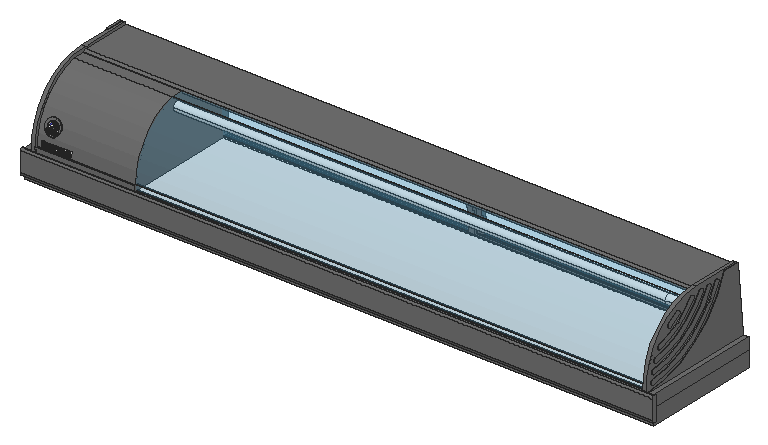
Revit family "QF_HOSHIZAKI_HNC-180BE-L-BLH", category Specialty Equipment, Revit 2016
Family settings
  Part Type = Normal
  Round Connector Dimension = Use Diameter
  OmniClass Number = 23.40.40.14
  OmniClass Title = Food Service Equipment
  Work Plane-Based = No
  Always vertical = Yes
  Cut with Voids When Loaded = No
  Shared = No
  Room Calculation Point = No
Parameters (values of type "HNC-180BE-L-BLH_230V/1Ph/50Hz")
  Weight = 42.00 kg
  Waste Remarks [instance] = ""
  Volts = 230 V
  URL Cutsheet = ""
  URL = "www.hoshizaki-europe.com"
  Status [instance] = ""
  Specification by User [instance] = ""
  Specification by Manufacturer [instance] = ""
  Serial Number = ""
  Seismic Rating = ""
  SMACNA No = ""
  Revision Code [instance] = ""
  Phase = 1
  Number of Poles = 2
  NAFEM Spec ID Number = ""
  Model = "HNC-180BE-L-BLH"
  Min Ckt Ampacity = 0 A
  Max Overcurrent Protection = 0 A
  Masterspec = ""
  Manufacturer = "HOSHIZAKI"
  Length Actual = 1800 mm
  Item Number [instance] = ""
  Installed By [instance] = ""
  Indirect Waste Size = 50.8 mm
  Indirect Waste Connection Type [instance] = ""
  Indirect Waste Connection Height [instance] = 23 mm
  Identify Quantity as Lot [instance] = no
  Height Actual = 270 mm
  HP power = ""
  Furnished By [instance] = ""
  Foodservice Equipment Identifier [instance] = yes
  FL Amps = 0.6 A
  Electric power = 140 W
  Electric Connection Type [instance] = ""
  Elec Conn RI Height [instance] = 0 mm
  Elec Conn Connection Height [instance] = 19 mm
  Direct Waste RI Height [instance] = 0 mm
  Description = "SUSHI CASE WITH LED LIGHTING, LEFT SIDED - BLACK"
  Depth Actual = 345 mm
  Cycle = 50 Hz
  Cost = 0
  Conn Plug = ""
  Conn Conduit = no
  CSI MasterFormat = ""
  Assembly Code = "E1090320"
  Apparent Power = 140 VA
  Accessory = no
Reference planes
  plane 1 "Center (Front/Back)": y = 0
  plane 2: z = 0
  plane 3 "Center (Left/Right)": x = 0
Forms (mm)
  Extrusion 1, solid, not visible
    sketch origin (29, -2, 18) x (1, 0, 0) y (0, 1, 0)
      loop
        line (0, 0) -> (2, 0) -> (2, 2) -> (0, 2) -> (0, 0)
    from 0 to 2
  Extrusion 2, solid, not visible
    sketch origin (1731, -2, 22) x (1, 0, 0) y (0, 1, 0)
      loop
        line (0, 0) -> (2, 0) -> (2, 2) -> (0, 2) -> (0, 0)
    from 0 to 2
Dimensions and locks
  aligned and locked: level to plane 2
Nested families
  nested 1: "QF_HOSHIZAKI_HNC-180BE-L-BLH_230V_1Ph_50Hz" at (0, 0, 0), type "HNC-180BE-L-BLH_230V/1Ph/50Hz"
    with Status "", Specification by User "", Show Clearance yes, Revision Code "", Number of Poles 1, Item Number "", Installed By "", Identify Quantity as Lot no, Furnished By "", Foodservice Equipment Identifier yes, Electrical Remarks "", Electric Connection Type "", Elec Conn RI Height 0 mm, Elec Conn Connection Height 19 mm, Conn Conduit yes
Connectors
  electrical at (30, 0, 19), driven by "Apparent Power", driven by "Number of Poles", driven by "Volts"
    settings: on Extrusion 1, index 1, voltage 230 V, apparent load 0 VA, apparent load phase1 140 VA, apparent load phase2 0 VA, apparent load phase3 0 VA, power factor 1, load classification "Other", number of poles 2, system type 31, power factor state 1, is connector primary yes, connector utility no, sub classification motor no, connector description "Electric connection for 'HNC-180BE-L-BLH'"
  piping at (1732, 0, 23), diameter 50.8, driven by "Indirect Waste Size"
    settings: on Extrusion 2, index 2, connector inside diameter 609.6 mm, connector length 0 mm, flow factor 0, pipe flow 0.0 L/s, pressure drop 0.0 Pa, fitting loss kfactor 0, connector angle 0.00°, fixture units 0, engagement length 0 mm, angle of deflection 0.00°, flow configuration 1, flow direction 2, fitting loss method 0, system type 16, joint type 0, gender type 0, connector reference index -1, connector utility 0, adjustable connector no, is connector primary yes, connector description "Drain connection for 'HNC-180BE-L-BLH'"
Definition of nested family "QF_HOSHIZAKI_HNC-180BE-L-BLH_230V_1Ph_50Hz"
  Parameters (values of type "HNC-180BE-L-BLH_230V/1Ph/50Hz")
    Weight in Pounds = 92.594
    Electric power = 150 W
    Volts = 230 V
    URL Cutsheet = "www.hoshizaki-europe.com"
    URL = "www.hoshizaki-europe.com"
    Status [instance] = ""
    Specification by User [instance] = ""
    Specification by Manufacturer = ""
    Show Logo = yes
    Show Clearance [instance] = yes
    Serial Number = ""
    Seismic Rating = ""
    SMACNA No = ""
    Revision Code [instance] = ""
    Phase = 1
    Number of Poles [instance] = 1
    NAFEM Spec ID Number = ""
    Model = "HNC-180BE-L-BLH"
    Min Ckt Ampacity = 0 A
    Max Overcurrent Protection = 0 A
    Masterspec = ""
    Manufacturer = "HOSHIZAKI"
    Item Number [instance] = ""
    Installed By [instance] = ""
    Identify Quantity as Lot [instance] = no
    HP power = "0.201153000000"
    Furnished By [instance] = ""
    Foodservice Equipment Identifier [instance] = yes
    FL Amps = 20 A
    Electrical Remarks [instance] = ""
    Electric Connection Type [instance] = ""
    Elec Conn RI Height [instance] = 0 mm
    Elec Conn Connection Height [instance] = 19 mm
    Description = "SUSHI CASE WITH LED LIGHTING, LEFT SIDED - BLACK"
    Cycle = 50 Hz
    Conn Plug = ""
    Conn Conduit [instance] = yes
    CSI MasterFormat = ""
    Assembly Code = "E1090320"
    Apparent Power = 150 VA
  Reference planes
    plane 1 "Back": y = 0
    plane 2: z = 0
    plane 3 "Left": x = 0
    plane 4 "Right": x = 1800
    plane 5 "Front": y = -345
    plane 6 "Top": z = 270
  Forms (mm)
    Extrusion 1, solid
      sketch origin (0, 0, 0) x (0, 1, 0) y (0, 0, 1)
        loop
          line (-335, 11.612) -> (-335, 78.923) -> (-340, 78.923)
          arc (-340, 78.923) -> (-343.536, 77.458) -> (-345, 73.923) r 5
          line (-345, 73.923) -> (-345, 16.612)
          arc (-345, 16.612) -> (-343.536, 13.076) -> (-340, 11.612) r 5
          line (-340, 11.612) -> (-335, 11.612)
      from 0 to 1800
    Extrusion 2, solid
      sketch origin (4, 0, 0) x (0, 1, 0) y (0, 0, 1)
        loop
          line (0, 0) -> (0, 45.267) -> (-335, 45.267) -> (-335, 0) -> (0, 0)
      from 1792 to 0
    Extrusion 3, solid
      sketch origin (1780, 0, 0) x (0, 1, 0) y (0, 0, -1)
        loop
          arc (-335, -77.311) -> (-168.876, -131.23) -> (-62.821, -270) r 293.422
          line (-62.821, -270) -> (-16.482, -270) -> (0, -81.612) -> (0, -45.267) -> (-335, -45.267) -> (-335, -77.311)
        loop
          arc (-83.709, -252.219) -> (-178.479, -139.765) -> (-317.08, -90.602) r 280.922
          arc (-317.08, -90.602) -> (-323.161, -96.407) -> (-318.029, -103.066) r 6.285
          arc (-318.029, -103.066) -> (-185.592, -150.044) -> (-95.039, -257.5) r 268.422
          arc (-95.039, -257.5) -> (-87.673, -258.508) -> (-83.709, -252.219) r 6.865
        loop
          arc (-111.859, -251.686) -> (-195.78, -158.227) -> (-314.06, -115.953) r 255.922
          arc (-314.06, -115.953) -> (-320.31, -121.62) -> (-315.28, -128.393) r 6.28
          arc (-315.28, -128.393) -> (-202.759, -168.597) -> (-122.925, -257.5) r 243.422
          arc (-122.925, -257.5) -> (-115.571, -258.059) -> (-111.859, -251.686) r 6.947
        loop
          arc (-140.937, -251.021) -> (-211.328, -177.909) -> (-306.269, -142.04) r 230.922
          arc (-306.269, -142.04) -> (-312.519, -147.451) -> (-308.057, -154.411) r 6.315
          arc (-308.057, -154.411) -> (-218.228, -188.332) -> (-151.626, -257.5) r 218.422
          arc (-151.626, -257.5) -> (-143.81, -258.338) -> (-140.937, -251.021) r 6.48
        loop
          arc (-173, -248.071) -> (-226.037, -198.16) -> (-293.13, -169.833) r 205.922
          arc (-293.13, -169.833) -> (-298.352, -176.046) -> (-293.527, -182.572) r 6.554
          arc (-293.527, -182.572) -> (-231.849, -209.297) -> (-183.042, -255.516) r 193.422
          arc (-183.042, -255.516) -> (-175.054, -255.795) -> (-173, -248.071) r 6.411
        loop
          arc (-225.482, -229.368) -> (-239.933, -218.945) -> (-255.34, -209.993) r 180.922
          arc (-255.34, -209.993) -> (-262.519, -213.318) -> (-261.08, -221.097) r 6.452
          arc (-261.08, -221.097) -> (-246.737, -229.431) -> (-233.285, -239.134) r 168.422
          arc (-233.285, -239.134) -> (-225.701, -237.193) -> (-225.482, -229.368) r 6.501
      from 0 to 5
    Extrusion 4, solid
      sketch origin (1775, 0, 0) x (0, 1, 0) y (0, 0, -1)
        loop
          line (-335, -45.267) -> (-335, -77.311)
          arc (-335, -77.311) -> (-288.48, -212.569) -> (-157.482, -270) r 178.115
          line (-157.482, -270) -> (-16.482, -270) -> (0, -81.612) -> (0, -45.267) -> (-335, -45.267)
      from 0 to 10
    Extrusion 5, solid
      sketch origin (20, 0, 0) x (0, 1, 0) y (0, 0, 1)
        loop
          line (-335, 77.311) -> (-335, 45.267) -> (0, 45.267) -> (0, 81.612) -> (-16.482, 270) -> (-62.821, 270)
          arc (-62.821, 270) -> (-168.876, 131.23) -> (-335, 77.311) r 293.422
        loop
          arc (-83.709, 252.219) -> (-87.673, 258.508) -> (-95.039, 257.5) r 6.865
          arc (-95.039, 257.5) -> (-185.592, 150.044) -> (-318.029, 103.066) r 268.422
          arc (-318.029, 103.066) -> (-323.161, 96.407) -> (-317.08, 90.602) r 6.285
          arc (-317.08, 90.602) -> (-178.479, 139.765) -> (-83.709, 252.219) r 280.922
        loop
          arc (-111.859, 251.686) -> (-115.571, 258.059) -> (-122.925, 257.5) r 6.947
          arc (-122.925, 257.5) -> (-202.759, 168.597) -> (-315.28, 128.393) r 243.422
          arc (-315.28, 128.393) -> (-320.31, 121.62) -> (-314.06, 115.953) r 6.28
          arc (-314.06, 115.953) -> (-195.78, 158.227) -> (-111.859, 251.686) r 255.922
        loop
          arc (-140.937, 251.021) -> (-143.81, 258.338) -> (-151.626, 257.5) r 6.48
          arc (-151.626, 257.5) -> (-218.228, 188.332) -> (-308.057, 154.411) r 218.422
          arc (-308.057, 154.411) -> (-312.519, 147.451) -> (-306.269, 142.04) r 6.315
          arc (-306.269, 142.04) -> (-211.328, 177.909) -> (-140.937, 251.021) r 230.922
        loop
          arc (-173, 248.071) -> (-175.054, 255.795) -> (-183.042, 255.516) r 6.411
          arc (-183.042, 255.516) -> (-231.849, 209.297) -> (-293.527, 182.572) r 193.422
          arc (-293.527, 182.572) -> (-298.352, 176.046) -> (-293.13, 169.833) r 6.554
          arc (-293.13, 169.833) -> (-226.037, 198.16) -> (-173, 248.071) r 205.922
        loop
          arc (-225.482, 229.368) -> (-225.701, 237.193) -> (-233.285, 239.134) r 6.501
          arc (-233.285, 239.134) -> (-246.737, 229.431) -> (-261.08, 221.097) r 168.422
          arc (-261.08, 221.097) -> (-262.519, 213.318) -> (-255.34, 209.993) r 6.452
          arc (-255.34, 209.993) -> (-239.933, 218.945) -> (-225.482, 229.368) r 180.922
      from 0 to 5
    Extrusion 6, solid
      sketch origin (25, 0, 0) x (0, 1, 0) y (0, 0, 1)
        loop
          line (-335, 45.267) -> (0, 45.267) -> (0, 81.612) -> (-16.482, 270) -> (-157.482, 270)
          arc (-157.482, 270) -> (-288.48, 212.569) -> (-335, 77.311) r 178.115
          line (-335, 77.311) -> (-335, 45.267)
      from 0 to 10
    Extrusion 7, solid
      sketch origin (0, 0, 0) x (0, 1, 0) y (0, 0, 1)
        loop
          line (-335.005, 77.311) -> (-9.983, 77.311) -> (-9.983, 45.267) -> (0, 45.267) -> (0, 81.612) -> (-15.607, 260) -> (-198.787, 260)
          arc (-198.787, 260) -> (-293.716, 198.698) -> (-330.597, 91.885) r 173.115
          line (-330.597, 91.885) -> (-335.597, 91.885) -> (-335.005, 77.311)
      from 35 to 317
    Extrusion 8, solid
      sketch origin (0, 0, 0) x (0, 1, 0) y (0, 0, 1)
        loop
          line (-9.983, 45.267) -> (-9.983, 67.293)
          arc (-9.983, 67.293) -> (-12.951, 74.377) -> (-20.035, 77.311) r 10.017
          line (-20.035, 77.311) -> (-324.983, 77.311)
          arc (-324.983, 77.311) -> (-332.066, 74.377) -> (-335, 67.293) r 10.017
          line (-335, 67.293) -> (-335, 45.267) -> (-9.983, 45.267)
      from 35 to 1765
    Extrusion 9, solid
      sketch origin (0, 0, 0) x (0, 1, 0) y (0, 0, 1)
        loop
          line (-16.044, 265) -> (-157.482, 265)
          arc (-157.482, 265) -> (-162.482, 263.66) -> (-166.142, 260) r 10
          line (-166.142, 260) -> (-166.142, 255) -> (-15.169, 255) -> (-16.044, 265)
      from 35 to 1765
    Extrusion 10, solid
      sketch origin (0, 0, 0) x (0, 1, 0) y (0, 0, 1)
        loop
          line (-166.142, 260) -> (-198.787, 260)
          arc (-198.787, 260) -> (-293.716, 198.698) -> (-330.597, 91.885) r 173.115
          line (-330.597, 91.885) -> (-330.597, 77.395) -> (-325.597, 77.395) -> (-325.597, 91.885)
          arc (-325.597, 91.885) -> (-289.967, 195.377) -> (-198.178, 255) r 168.115
          line (-198.178, 255) -> (-166.142, 255) -> (-166.142, 260)
      from 317 to 1765
    Sweep 11, solid
      path origin (598.568, 0, 230) x (1, 0, 0) y (0, 1, 0)
        loop
          line (1072.551, -50.66) -> (1112.551, -50.66)
          arc (1112.551, -50.66) -> (1140.051, -62.051) -> (1151.442, -89.551) r 38.891
          line (1151.442, -89.551) -> (1151.442, -153.787)
          arc (1151.442, -153.787) -> (1142.122, -176.287) -> (1119.622, -185.607) r 31.82
          line (1119.622, -185.607) -> (-280.378, -185.607)
      profile origin (1691.12, -50.66, 230) x (0, 1, 0) y (0, 0, 1)
        loop
          circle (0, 0) r 12.5
    Extrusion 12, solid
      sketch origin (0, 0, 0) x (0, 1, 0) y (0, 0, 1)
        loop
          line (0, 45.267) -> (0, 81.612) -> (-1.743, 101.536) -> (-6.743, 101.536) -> (-5, 81.612) -> (-5, 77.311) -> (-10, 77.311) -> (-10, 45.267) -> (0, 45.267)
      from 317 to 1765
    Extrusion 13, solid
      sketch origin (600, 0, 0) x (0, 1, 0) y (0, 0, 1)
        loop
          line (-6.743, 101.536) -> (-1.743, 101.536) -> (-15.169, 255) -> (-20.169, 255) -> (-6.743, 101.536)
      from 1150 to 1165
    Extrusion 14, solid
      sketch origin (317, -10, 0) x (0, 1, 0) y (0, 0, 1)
        loop
          line (-5, 77.311) -> (-5, 81.612) -> (-20.169, 255) -> (-25.169, 255) -> (-9.917, 80.666) -> (-9.917, 77.311) -> (-5, 77.311)
      from 0 to 700
    Extrusion 15, solid
      sketch origin (0, 0, 0) x (1, 0, 0) y (0, 0, 1)
        loop
          line (20, 45.267) -> (20, 78.923) -> (4, 78.923) -> (4, 45.267) -> (20, 45.267)
      from 0 to 335
    Extrusion 16, solid
      sketch origin (1780, 0, 0) x (1, 0, 0) y (0, 0, 1)
        loop
          line (16, 45.267) -> (16, 78.923) -> (0, 78.923) -> (0, 45.267) -> (16, 45.267)
      from 0 to 335
    Extrusion 17, solid
      sketch origin (30, 5, 19) x (1, 0, 0) y (0, 0, 1)
        loop
          circle (0, 0) r 5
      from 0 to 5
    Extrusion 18, solid
      sketch origin (1200, 0, 0) x (0, 1, 0) y (0, 0, 1)
        loop
          line (-5, 77.311) -> (-5, 81.612) -> (-20.169, 255) -> (-25.169, 255) -> (-9.917, 80.666) -> (-9.917, 77.311) -> (-5, 77.311)
      from -150 to 550
    Extrusion 19, solid
      sketch origin (1050, 0, 0) x (0, 1, 0) y (0, 0, -1)
        loop
          line (-6.743, -101.536) -> (-4.917, -80.666) -> (-9.917, -80.666) -> (-25.169, -255) -> (-20.169, -255) -> (-14.603, -248.524) -> (-2.401, -109.056) -> (-6.743, -101.536)
      from 16 to 0
    Extrusion 20, solid
      sketch origin (1033, -10, 0) x (0, 1, 0) y (0, 0, -1)
        loop
          line (-6.743, -101.536) -> (-4.917, -80.666) -> (-9.917, -80.666) -> (-25.169, -255) -> (-20.169, -255) -> (-14.603, -248.524) -> (-2.401, -109.056) -> (-6.743, -101.536)
      from 16 to 0
    Extrusion 21, solid, visible <- "Show Logo"
      sketch origin (3.022, -388.606, -502.736) x (1, 0, 0) y (0, 0.087156, 0.996195)
        loop
          line (55.338, 616.136) -> (55.338, 615.183) -> (56.401, 614.569) -> (56.401, 609.537) -> (55.338, 608.924) -> (55.338, 607.971) -> (59.638, 607.971) -> (59.638, 608.924) -> (58.286, 609.537) -> (58.286, 611.434) -> (61.704, 611.434) -> (61.704, 609.537) -> (60.353, 608.924) -> (60.353, 607.971) -> (64.652, 607.971) -> (64.652, 608.924) -> (63.589, 609.537) -> (63.589, 614.569) -> (64.652, 615.183) -> (64.652, 616.136) -> (60.353, 616.136) -> (60.353, 615.183) -> (61.704, 614.569) -> (61.704, 612.924) -> (58.286, 612.924) -> (58.286, 614.569) -> (59.638, 615.183) -> (59.638, 616.136) -> (55.338, 616.136)
        loop
          spline (69.001, 608.002) -> (70.129, 608.14) -> (71.179, 608.547) -> (72.081, 609.193) -> (72.773, 610.035) -> (73.209, 611.016) -> (73.357, 612.069) -> (73.209, 613.121) -> (72.773, 614.102) -> (72.081, 614.944) -> (71.179, 615.591) -> (70.129, 615.997) -> (69.001, 616.136)
          spline (69.001, 616.136) -> (67.874, 615.997) -> (66.824, 615.591) -> (65.922, 614.944) -> (65.229, 614.102) -> (64.794, 613.121) -> (64.646, 612.069) -> (64.794, 611.016) -> (65.229, 610.035) -> (65.922, 609.193) -> (66.824, 608.547) -> (67.874, 608.14) -> (69.001, 608.002)
        loop
          spline (68.927, 609) -> (69.484, 609.105) -> (70.004, 609.411) -> (70.45, 609.899) -> (70.792, 610.534) -> (71.007, 611.274) -> (71.08, 612.069) -> (71.007, 612.863) -> (70.792, 613.603) -> (70.45, 614.239) -> (70.004, 614.726) -> (69.484, 615.033) -> (68.927, 615.137)
          spline (68.927, 615.137) -> (68.37, 615.033) -> (67.851, 614.726) -> (67.405, 614.239) -> (67.063, 613.603) -> (66.847, 612.863) -> (66.774, 612.069) -> (66.847, 611.274) -> (67.063, 610.534) -> (67.405, 609.899) -> (67.851, 609.411) -> (68.37, 609.105) -> (68.927, 609)
        loop
          line (81.179, 616.194) -> (79.474, 615.758)
          arc (79.474, 615.758) -> (77.281, 616.22) -> (75.089, 615.753) r 5.403
          arc (75.089, 615.753) -> (73.886, 613.9) -> (75.089, 612.047) r 2.029
          line (75.089, 612.047) -> (78.971, 610.634)
          arc (78.971, 610.634) -> (79.436, 609.97) -> (78.971, 609.307) r 0.706
          arc (78.971, 609.307) -> (77.855, 609.11) -> (76.74, 609.307) r 3.262
          line (76.74, 609.307) -> (75.274, 610.772) -> (73.787, 610.772) -> (73.787, 608.097) -> (75.666, 608.577)
          arc (75.666, 608.577) -> (78.223, 607.78) -> (80.78, 608.577) r 4.5
          arc (80.78, 608.577) -> (81.48, 610.43) -> (80.78, 612.283) r 2.804
          line (80.78, 612.283) -> (76.487, 613.433)
          arc (76.487, 613.433) -> (75.882, 614.221) -> (76.487, 615.009) r 0.816
          arc (76.487, 615.009) -> (77.614, 615.157) -> (78.742, 615.009) r 4.357
          line (78.742, 615.009) -> (79.927, 613.433) -> (81.179, 613.433) -> (81.179, 616.194)
        loop
          line (82.271, 616.136) -> (82.271, 615.183) -> (83.334, 614.569) -> (83.334, 609.537) -> (82.271, 608.924) -> (82.271, 607.971) -> (86.57, 607.971) -> (86.57, 608.924) -> (85.219, 609.537) -> (85.219, 611.434) -> (88.636, 611.434) -> (88.636, 609.537) -> (87.285, 608.924) -> (87.285, 607.971) -> (91.585, 607.971) -> (91.585, 608.924) -> (90.522, 609.537) -> (90.522, 614.569) -> (91.585, 615.183) -> (91.585, 616.136) -> (87.285, 616.136) -> (87.285, 615.183) -> (88.636, 614.569) -> (88.636, 612.924) -> (85.219, 612.924) -> (85.219, 614.569) -> (86.57, 615.183) -> (86.57, 616.136) -> (82.271, 616.136)
        loop
          line (96.706, 616.136) -> (92.416, 616.136) -> (92.416, 615.183) -> (93.479, 614.569) -> (93.479, 609.537) -> (92.416, 608.924) -> (92.416, 607.971) -> (96.706, 607.971) -> (96.706, 608.924) -> (95.643, 609.537) -> (95.643, 614.569) -> (96.706, 615.183) -> (96.706, 616.136)
        loop
          line (97.667, 616.136) -> (97.667, 612.671) -> (98.907, 612.671) -> (98.907, 614.463) -> (99.558, 615.114) -> (102.547, 615.114) -> (97.667, 609.299) -> (97.667, 607.971) -> (104.908, 607.971) -> (104.908, 611.273) -> (103.649, 611.273) -> (103.649, 609.958) -> (102.708, 609.299) -> (100.239, 609.299) -> (104.908, 614.862) -> (104.908, 616.136) -> (97.667, 616.136)
        loop
          line (105.624, 607.971) -> (109.33, 607.971) -> (109.33, 609.028) -> (107.454, 609.028) -> (108.104, 610.636) -> (111.138, 610.636) -> (111.792, 609.702) -> (111.119, 609.028) -> (110.298, 609.028) -> (110.298, 607.971) -> (114.469, 607.971) -> (114.469, 609.299) -> (110.933, 616.136) -> (109.33, 616.136) -> (106.458, 609.028) -> (105.624, 609.028) -> (105.624, 607.971)
        loop
          line (114.779, 616.136) -> (114.779, 615.083) -> (116.046, 615.083) -> (116.046, 609.299) -> (114.99, 609.299) -> (114.99, 607.971) -> (118.696, 607.971) -> (117.926, 609.461) -> (117.926, 610.349) -> (119.101, 611.525) -> (121.327, 609.299) -> (120.053, 609.299) -> (120.053, 607.971) -> (124.657, 607.971) -> (124.657, 609.299) -> (123.759, 609.299) -> (120.592, 613.016) -> (122.659, 615.083) -> (123.759, 615.083) -> (123.759, 616.136) -> (120.053, 616.136) -> (120.053, 615.083) -> (121.071, 615.083) -> (117.926, 611.937) -> (118.696, 615.083) -> (118.696, 616.136) -> (114.779, 616.136)
        loop
          line (129.485, 616.136) -> (125.196, 616.136) -> (125.196, 615.183) -> (126.259, 614.569) -> (126.259, 609.537) -> (125.196, 608.924) -> (125.196, 607.971) -> (129.485, 607.971) -> (129.485, 608.924) -> (128.422, 609.537) -> (128.422, 614.569) -> (129.485, 615.183) -> (129.485, 616.136)
        loop
          line (109.583, 614.299) -> (108.553, 611.748) -> (110.666, 611.748) -> (109.583, 614.299)
        loop
          line (52.372, 617.338) -> (52.372, 606.471) -> (131.113, 606.471) -> (131.113, 617.338) -> (52.372, 617.338)
        loop
          line (133.113, 619.338) -> (50.372, 619.338) -> (50.372, 604.471) -> (133.113, 604.471) -> (133.113, 619.338)
      from -1 to 1
    Extrusion 22, solid, visible <- "Show Logo"
      sketch origin (13.022, -389.851, -522.703) x (1, 0, 0) y (0, 0.087156, 0.996195)
        loop
          line (42.372, 637.338) -> (42.372, 626.471) -> (121.113, 626.471) -> (121.113, 637.338) -> (42.372, 637.338)
      from -1 to 1
    Extrusion 23, solid, visible <- "Show Logo"
      sketch origin (537.337, -1020.958, -1575.221) x (-1, 0, 0) y (0, -0.374607, -0.927184)
        loop
          circle (459.884, -1862.5) r 13.99
      from 0 to 2.5
    Extrusion 24, solid, visible <- "Show Logo"
      sketch origin (537.337, -1021.422, -1575.034) x (-1, 0, 0) y (0, -0.374607, -0.927184)
        loop
          circle (459.884, -1862.5) r 15
        loop
          arc (446.884, -1862.5) -> (460.705, -1875.474) -> (472.781, -1860.863) r 13
          line (472.781, -1860.863) -> (470.355, -1858.437) -> (469.346, -1862.201) -> (466.355, -1863.928) -> (465.024, -1865.26) -> (463.375, -1865.26) -> (462.04, -1870.241) -> (457.755, -1870.241) -> (459.339, -1867.979) -> (460.402, -1864.014) -> (461.224, -1860.945) -> (462.416, -1856.497) -> (461.216, -1855.297) -> (459.433, -1857.843) -> (455.784, -1851.523) -> (460.361, -1851.523) -> (461.471, -1853.446) -> (469.213, -1853.446)
          arc (469.213, -1853.446) -> (460.394, -1849.51) -> (451.293, -1852.743) r 13
          line (451.293, -1852.743) -> (455.577, -1853.891) -> (453.752, -1856.497) -> (455.349, -1856.497) -> (454.477, -1866.459) -> (452.538, -1866.459) -> (446.884, -1862.5)
        loop
          line (447.853, -1857.467) -> (452.313, -1861.926) -> (450.144, -1853.891)
          arc (450.144, -1853.891) -> (448.878, -1855.602) -> (447.853, -1857.467) r 15.828
        loop
          line (463.583, -1862.877) -> (466.64, -1862.399) -> (464.901, -1861.285) -> (463.583, -1857.664) -> (463.583, -1862.877)
        loop
          line (464.827, -1855.979) -> (468.296, -1856.908) -> (469.573, -1854.916) -> (468.881, -1854.224) -> (467.914, -1855.035) -> (464.827, -1855.979)
        loop
          line (462.609, -1872.307) -> (462.609, -1874.009) -> (464.927, -1873.388) -> (462.609, -1872.307)
        loop
          line (460.361, -1874.662) -> (459.594, -1873.335) -> (460.801, -1872.638) -> (459.186, -1872.205) -> (458.298, -1874.11) -> (460.361, -1874.662)
        loop
          line (459.623, -1846.783) -> (460.706, -1845.701) -> (462.247, -1845.701) -> (461.191, -1844.645) -> (461.503, -1842.874) -> (459.623, -1843.959) -> (457.743, -1842.874) -> (458.055, -1844.645) -> (456.999, -1845.701) -> (458.54, -1845.701) -> (459.623, -1846.783)
        loop
          line (446.86, -1853.7) -> (446.594, -1852.191) -> (447.478, -1850.929) -> (446.007, -1851.188) -> (444.736, -1849.917) -> (444.547, -1852.08) -> (442.579, -1852.997) -> (444.209, -1853.757) -> (444.468, -1855.228) -> (445.352, -1853.965) -> (446.86, -1853.7)
        loop
          line (452.395, -1848.68) -> (452.856, -1847.219) -> (454.223, -1846.508) -> (452.799, -1846.059) -> (452.258, -1844.344) -> (451.091, -1846.175) -> (448.922, -1846.08) -> (450.017, -1847.507) -> (449.568, -1848.931) -> (450.935, -1848.219) -> (452.395, -1848.68)
        loop
          line (472.909, -1853.7) -> (474.417, -1853.965) -> (475.301, -1855.228) -> (475.56, -1853.757) -> (477.19, -1852.997) -> (475.222, -1852.08) -> (475.033, -1849.917) -> (473.761, -1851.188) -> (472.291, -1850.929) -> (473.175, -1852.191) -> (472.909, -1853.7)
        loop
          line (467.374, -1848.68) -> (468.834, -1848.219) -> (470.201, -1848.931) -> (469.752, -1847.507) -> (470.847, -1846.08) -> (468.678, -1846.175) -> (467.511, -1844.344) -> (466.97, -1846.059) -> (465.546, -1846.508) -> (466.913, -1847.219) -> (467.374, -1848.68)
      from 0 to 2.5
    Extrusion 25, solid, visible <- "Show Logo"
      sketch origin (537.337, -1021.422, -1575.034) x (-1, 0, 0) y (0, -0.374607, -0.927184)
        loop
          line (462.609, -1874.009) -> (462.609, -1872.307) -> (462.085, -1870.241) -> (457.755, -1870.241) -> (459.339, -1867.979) -> (462.416, -1856.497) -> (461.216, -1855.297) -> (459.433, -1857.843) -> (455.808, -1851.565) -> (453.948, -1851.565) -> (455.577, -1853.891) -> (454.477, -1866.459) -> (456.345, -1871.339)
          arc (456.345, -1871.339) -> (456.868, -1874.025) -> (459.213, -1875.435) r 3.366
          arc (459.213, -1875.435) -> (460.198, -1875.496) -> (461.183, -1875.435) r 8.046
          line (461.183, -1875.435) -> (462.609, -1874.009)
        loop
          line (456.854, -1851.523) -> (460.361, -1851.523) -> (460.916, -1852.485) -> (462.702, -1852.485) -> (463.779, -1851.407) -> (460.623, -1851.407) -> (461.563, -1850.468) -> (456.245, -1850.468) -> (456.854, -1851.523)
        loop
          line (460.361, -1874.662) -> (459.594, -1873.335) -> (460.801, -1872.638) -> (459.186, -1872.205) -> (458.298, -1874.11) -> (460.361, -1874.662)
      from 0 to 2.5
    Extrusion 26, solid, visible <- "Show Logo"
      sketch origin (522.953, -534.382, -370.902) x (-1, 0, 0) y (0, -0.374607, -0.927184)
        loop
          circle (445.5, -563.6) r 22.5
      from 0 to 2
  Lines and regions (mm)
    symbolic lines
      curve 1: line (0, -335, 0) -> (0, -345, 0)
      curve 2: line (0, -345, 0) -> (1800, -345, 0)
      curve 3: line (1800, -345, 0) -> (1800, -335, 0)
      curve 4: line (1800, -335, 0) -> (1796, -335, 0)
      curve 5: line (1796, -335, 0) -> (1796, 0, 0)
      curve 6: line (1796, 0, 0) -> (4, 0, 0)
      curve 7: line (35, 0, 0) -> (35, 5, 0)
      curve 8: line (35, 5, 0) -> (25, 5, 0)
      curve 9: line (25, 5, 0) -> (25, 0, 0)
      curve 10: line (4, 0, 0) -> (4, -335, 0)
      curve 11: line (4, -335, 0) -> (0, -335, 0)
      curve 12: line (4, -335, 0) -> (1796, -335, 0)
      curve 13: line (1765, -335, 0) -> (1765, 0, 0)
      curve 14: line (35, -335, 0) -> (35, 0, 0)
      curve 15: line (317, 0, 0) -> (317, -335, 0)
      curve 16: line (1765, -166.142, 0) -> (317, -166.142, 0)
  Dimensions and locks
    aligned and locked: level to plane 2
  Connectors
    electrical at (30, 5, 19), driven by "Apparent Power", driven by "Volts", driven by "Number of Poles"
      settings: on Extrusion 17, index 2, voltage 230 V, apparent load 0 VA, apparent load phase1 150 VA, apparent load phase2 0 VA, apparent load phase3 0 VA, power factor 1, load classification none, number of poles 1, system type 31, power factor state 1, is connector primary yes, connector utility no, sub classification motor no, connector description "Electrical connection"
